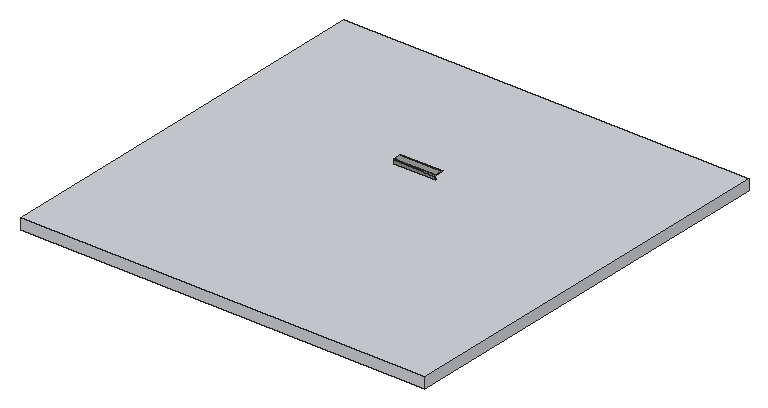
Revit family "STC5825", category Generic Models, host Face, Revit 2020
Family settings
  Host = Face
  Can host rebar = No
  Round Connector Dimension = Use Diameter
  Part Type = Normal
  Cut with Voids When Loaded = No
  Shared = No
  Room Calculation Point = No
Parameters
  Default Elevation = 1219.2 mm
Reference planes
  plane 1 "Center (Front/Back)": y = 0
  plane 2: z = -304.512
  plane 3 "Center (Left/Right)": x = 0
Forms (mm)
  Extrusion 1, solid
    sketch origin (0, 0, 0) x (1, 0, 0) y (0, 1, 0)
      loop
        line (-1219.2, 1219.2) -> (-1219.2, -1219.2) -> (1219.2, -1219.2) -> (1219.2, 1219.2) -> (-1219.2, 1219.2)
    from -304.512 to -241.302
  Extrusion 2, solid, material "Default New Material"
    sketch origin (0, 38.646, -21.47) x (0, -1, 0) y (0, 0, -1)
      loop
        line (8.233, 5.342) -> (8.233, 7.588) -> (-38.063, 7.588) -> (-38.063, 5.342) -> (8.233, 5.342)
    from 34.592 to 284.592
  Extrusion 3, solid, material "Default New Material(1)"
    sketch origin (0, 0, 0) x (0, 1, 0) y (0, 0, 1)
      loop
        line (83.888, -30.786) -> (83.888, -29.94) -> (76.709, -27.745) -> (76.709, -29.058) -> (30.413, -29.058) -> (30.413, -27.745)
        arc (30.413, -27.745) -> (26.825, -29.341) -> (25.662, -33.092) r 4.753
        line (25.662, -33.092) -> (29.128, -52.745) -> (30.658, -52.745) -> (27.447, -34.533)
        arc (27.447, -34.533) -> (28.334, -32.084) -> (30.592, -30.786) r 3.791
        line (30.592, -30.786) -> (83.888, -30.786)
    from 34.592 to 284.592
Dimensions and locks
  Extrusion 3 to Extrusion 3 = 58.263 mm
  Extrusion 3 sketch curve to Extrusion 3 sketch curve = 25 mm
  Extrusion 3 to Extrusion 3 = 25 mm
  aligned and locked: plane 2 to Extrusion 1
